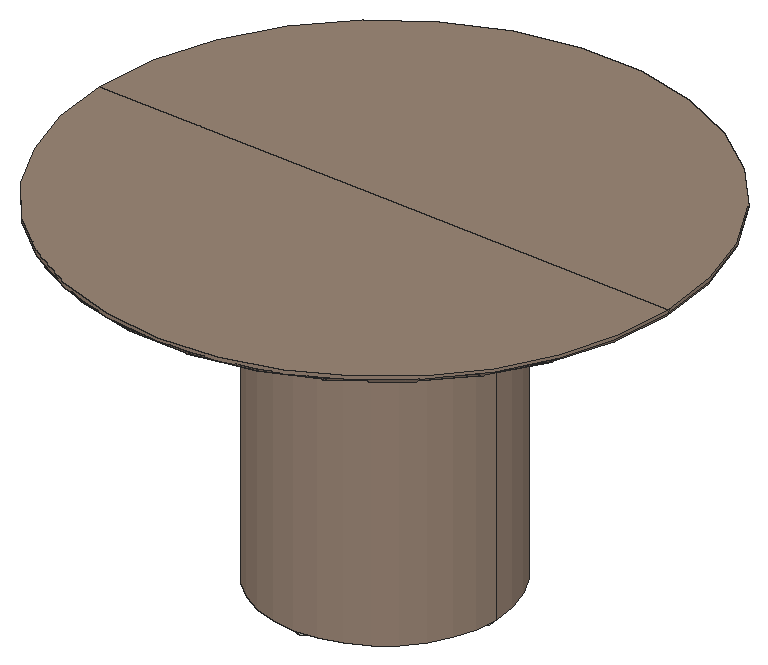
Revit family "Table-Teknion-CFRBKD_Figure_Table_Round_Drum_Base_Butter_Knife_Edge-R2023", category Furniture, Revit 2023
Family settings
  OmniClass Number = 23.40.20.00
  OmniClass Title = General Furniture and Specialties
  Work Plane-Based = No
  Enable Cutting in Views = No
  Always vertical = Yes
  Cut with Voids When Loaded = No
  Render Appearance Source = Family Geometry
  Shared = Yes
  Room Calculation Point = No
Parameters (values of type "Figure Table, Round, Drum Base, Butter Knife Edge")
  Width [instance] = 48.000"
  Warranty = "http://www.teknion.com/ca/papers/legal-canada"
  Unit Weight URL = "http://www.teknion.com/ca/tools/assets#&asset=bee6a381-b954-425e-8283-5a2de3a804f2,f828d448-4b62-4231-9e5f-9a8991c0ed77"
  URL = "www.teknion.com"
  Top Finish [instance] = Veneer -Teknion - UU - Rustic Oak - Sierra
  To render please download texture images found here [instance] = "https://assets.teknion.com/web/5e81352c1dfdb467/revit-material-swatches/"
  Sustainability Data = "https://www.teknion.com/ca/tools/assets#&topic=216f99a5-57a0-44fc-b10a-9dee9b29ae4c&asset=444deb64-fe58-4b68-981e-f75e97781df7,b4ff2d81-9f2e-437d-9659-7cffb09c31cf"
  Surface Power Access [instance] = if(Width > 75.000", "Select one option for surface power access. AB are not available for selected width.", if(Width = 48.000", "Only NN available for selected width.", "Select one option for surface power access. AF are not available for selected width."))  # "Only NN available for selected width."
  Series = "Custom Wood Boardroom & Reception Tables"  # constant formula
  Product Page URL = "https://www.teknion.com/ca/products/product-details?productLineId=f182336e-8e7a-673b-a6c8-ff00004460c4"
  Product Line = "Figure Table"  # constant formula
  Product Documentation Link = "https://d2r72yk5wmppdj.cloudfront.net/m/7b6608f508e3c5a8/Community_Table_Cut_Sheet.pdf"
  Part Number = "CFRBKD"  # constant formula
  NN - None [instance] = not((or([AB - 7" Compact Access Door], [AF - 12" Standard Access Door])))  # yes
  Model = "CFRBKD__"
  Manufacturer Phone = "416-661-3370"  # constant formula
  Manufacturer Fax = "416.661.4586"  # constant formula
  Manufacturer Contact Information = "http://www.teknion.com/ca/contactus"
  Manufacturer Address = "1150 Flint Road, Toronto, ON. M3J 2J5. Canada"  # constant formula
  Manufacturer = "Teknion"  # constant formula
  How To Use Teknion Materials User Guide [instance] = "https://assets.teknion.com/m/205dd0a49fa58060/original/How-to-add-a-Material-Library-and-Texture-Images-to-your-Revit-project.pdf"
  Glide Finish [instance] = Paint - Teknion - Foundation - Sand
  For Additional Finishes please visit [instance] = "https://assets.teknion.com/m/44a8009b046e5d47/original/Teknion_Materials_Library.zip"
  Dim 2 [instance] = if([2 - AB], 6.000", if(Width = 90.000", 15.000", if(Width = 84.000", 12.000", 9.000")))  # 9.000"
  Dim 1 [instance] = if((or(Width = 48.000", Width = 54.000")), 14.500", if((or(Width = 84.000", Width = 90.000")), 20.500", 17.500"))  # 14.500"
  Description = "Figure Table, Round, Drum Base, Butter Knife Edge"
  Default Elevation = 0.000"
  Cut-Out - AF [instance] = if([AF - 12" Standard Access Door], 5.000", 0.300")  # 0.300"
  Cut-Out - AB 2 [instance] = if([2 - AB], 4.000", 0.300")  # 0.300"
  Cut-Out - AB 1 [instance] = if([1 - AB], 4.000", 0.300")  # 0.300"
  Base Finish [instance] = Veneer -Teknion - UU - Rustic Oak - Sierra
  Available Width [instance] = "48, 54, 60, 66, 72, 78, 84 & 90 Inch"  # constant formula
  Assembly Code = "E2020200"
  Access Door Finish [instance] = Paint - Teknion - Foundation - Sand
  AF - 12" Standard Access Door [instance] = no
  AB - 7" Compact Access Door [instance] = no
  2 - AB [instance] = and((or(Width = 66.000", Width = 72.000")), [AB - 7" Compact Access Door])  # no
  1 - AB [instance] = and((or(Width = 54.000", Width = 60.000")), [AB - 7" Compact Access Door])  # no
Reference planes (in)
  plane 1 "Center Front/Back": y = 0
  plane 2: z = 0
  plane 3 "Center Left/Right": x = 0
  plane 4 "Left": x = -24
  plane 5 "Right": x = 24
  plane 6 "Back": y = 24
  plane 7 "Front": y = -24
  plane 8 "Top": z = 29
  plane 9: y = 9
  plane 10: y = -9
  plane 11: z = 27.5
  plane 12: z = 26.75197
  plane 13: y = 9.5
  plane 14: y = -9.5
  plane 15: x = 9.5
  plane 16: x = -9.5
Forms (in)
  Revolve 1, solid, material "Veneer -Teknion - UU - Rustic Oak - Sierra" <- "Top Finish"
    sketch origin (0, 0, 0) x (1, 0, 0) y (0, 0, 1)
      loop
        line (0, 29) -> (0, 27.5) -> (21.25591, 27.5) -> (23.43701, 28.29386)
        arc (23.43701, 28.29386) -> (23.62979, 28.37996) -> (23.80846, 28.49249) r 1.48819
        arc (23.80846, 28.49249) -> (23.91865, 28.59654) -> (24, 28.72441) r 0.61417
        line (24, 28.72441) -> (24, 29) -> (0, 29)
      axis (0, 29) -> (0, 27.5)
    angle from 0 to 360
  Revolve 2, solid, material "Veneer -Teknion - UU - Rustic Oak - Sierra" <- "Top Finish"
    sketch origin (0, 0, 0) x (1, 0, 0) y (0, 0, 1)
      loop
        line (0, 27.5) -> (0, 26.75197) -> (16, 26.75197) -> (16, 27.5) -> (0, 27.5)
      axis (0, 27.5) -> (0, 26.75197)
    angle from 0 to 360
  Revolve 3, solid, material "Veneer -Teknion - UU - Rustic Oak - Sierra" <- "Base Finish"
    sketch origin (0, 0, 0) x (1, 0, 0) y (0, 0, 1)
      loop
        line (9.25, 26.75197) -> (9.25, 0.5) -> (9.5, 0.5) -> (9.5, 26.75197) -> (9.25, 26.75197)
      axis (0, 26.75197) -> (0, 0.5)
    angle from 0 to 360
  Revolve 4, solid, material "Veneer -Teknion - UU - Rustic Oak - Sierra" <- "Base Finish"
    sketch origin (0, 0, 0) x (1, 0, 0) y (0, 0, 1)
      loop
        line (5.25, 0.5) -> (9.25, 0.5) -> (9.25, 1.25) -> (5.25, 1.25) -> (5.25, 0.5)
      loop
        line (5.25, 13.25) -> (9.25, 13.25) -> (9.25, 14) -> (5.25, 14) -> (5.25, 13.25)
      loop
        line (5.25, 26) -> (9.25, 26) -> (9.25, 26.75) -> (5.25, 26.75) -> (5.25, 26)
      axis (0, 26.75) -> (0, 0.5)
    angle from 0 to 360
  Sweep 5, solid, material "Paint - Teknion - Foundation - Sand" <- "Glide Finish"
    path origin (0, 0, 0) x (1, 0, 0) y (0, 0, 1)
      loop
        line (0, 0.5) -> (0, 0.25)
    profile origin (0, 0, 0.375) x (0, -1, 0) y (1, 0, 0)
      loop
        line (-8.8125, 0.18042) -> (-8.8125, -0.18042) -> (-8.5, -0.36084) -> (-8.1875, -0.18042) -> (-8.1875, 0.18042) -> (-8.5, 0.36084) -> (-8.8125, 0.18042)
      loop
        line (8.1875, 0.18042) -> (8.1875, -0.18042) -> (8.5, -0.36084) -> (8.8125, -0.18042) -> (8.8125, 0.18042) -> (8.5, 0.36084) -> (8.1875, 0.18042)
      loop
        line (0.18042, -8.1875) -> (-0.18042, -8.1875) -> (-0.36084, -8.5) -> (-0.18042, -8.8125) -> (0.18042, -8.8125) -> (0.36084, -8.5) -> (0.18042, -8.1875)
      loop
        line (0.18042, 8.8125) -> (-0.18042, 8.8125) -> (-0.36084, 8.5) -> (-0.18042, 8.1875) -> (0.18042, 8.1875) -> (0.36084, 8.5) -> (0.18042, 8.8125)
  Sweep 6, solid, material "Paint - Teknion - Foundation - Sand" <- "Glide Finish"
    path origin (0, 0, 0) x (1, 0, 0) y (0, 0, 1)
      loop
        line (0, 0.25) -> (0, 0)
    profile origin (0, 0, 0.125) x (0, -1, 0) y (1, 0, 0)
      loop
        circle (0, -8.5) r 0.5
      loop
        circle (0, 8.5) r 0.5
      loop
        circle (-8.5, 0) r 0.5
      loop
        circle (8.5, 0) r 0.5
  Sweep 7, void
    path origin (0, 0, 0) x (1, 0, 0) y (0, 0, 1)
      loop
        line (0, 32.19606) -> (0, 32.49606)
    profile origin (0, 0, 32.34606) x (-1, 0, 0) y (0, -1, 0)
      loop
        line (-5.91732, 11.29921) -> (-5.91732, 6.70079)
        arc (-5.91732, 6.70079) -> (-5.80201, 6.4224) -> (-5.52362, 6.30709) r 0.3937
        line (-5.52362, 6.30709) -> (5.52362, 6.30709)
        arc (5.52362, 6.30709) -> (5.80201, 6.4224) -> (5.91732, 6.70079) r 0.3937
        line (5.91732, 6.70079) -> (5.91732, 11.29921)
        arc (5.91732, 11.29921) -> (5.80201, 11.5776) -> (5.52362, 11.69291) r 0.3937
        line (5.52362, 11.69291) -> (-5.52362, 11.69291)
        arc (-5.52362, 11.69291) -> (-5.80201, 11.5776) -> (-5.91732, 11.29921) r 0.3937
      loop
        line (-5.91732, -6.70079) -> (-5.91732, -11.29921)
        arc (-5.91732, -11.29921) -> (-5.80201, -11.5776) -> (-5.52362, -11.69291) r 0.3937
        line (-5.52362, -11.69291) -> (5.52362, -11.69291)
        arc (5.52362, -11.69291) -> (5.80201, -11.5776) -> (5.91732, -11.29921) r 0.3937
        line (5.91732, -11.29921) -> (5.91732, -6.70079)
        arc (5.91732, -6.70079) -> (5.80201, -6.4224) -> (5.52362, -6.30709) r 0.3937
        line (5.52362, -6.30709) -> (-5.52362, -6.30709)
        arc (-5.52362, -6.30709) -> (-5.80201, -6.4224) -> (-5.91732, -6.70079) r 0.3937
  Sweep 8, void
    path origin (0, 0, 0) x (1, 0, 0) y (0, 0, 1)
      loop
        line (0, 22.79606) -> (0, 22.49606)
    profile origin (0, 0, 22.64606) x (0, -1, 0) y (1, 0, 0)
      loop
        line (5.25, 8) -> (5.25, -8)
        arc (5.25, -8) -> (5.39645, -8.35355) -> (5.75, -8.5) r 0.5
        line (5.75, -8.5) -> (12.25, -8.5)
        arc (12.25, -8.5) -> (12.60355, -8.35355) -> (12.75, -8) r 0.5
        line (12.75, -8) -> (12.75, 8)
        arc (12.75, 8) -> (12.60355, 8.35355) -> (12.25, 8.5) r 0.5
        line (12.25, 8.5) -> (5.75, 8.5)
        arc (5.75, 8.5) -> (5.39645, 8.35355) -> (5.25, 8) r 0.5
      loop
        line (-5.25, -8) -> (-5.25, 8)
        arc (-5.25, 8) -> (-5.39645, 8.35355) -> (-5.75, 8.5) r 0.5
        line (-5.75, 8.5) -> (-12.25, 8.5)
        arc (-12.25, 8.5) -> (-12.60355, 8.35355) -> (-12.75, 8) r 0.5
        line (-12.75, 8) -> (-12.75, -8)
        arc (-12.75, -8) -> (-12.60355, -8.35355) -> (-12.25, -8.5) r 0.5
        line (-12.25, -8.5) -> (-5.75, -8.5)
        arc (-5.75, -8.5) -> (-5.39645, -8.35355) -> (-5.25, -8) r 0.5
  Sweep 9, void
    path origin (0, 0, 0) x (1, 0, 0) y (0, 0, 1)
      loop
        line (0, 31.2) -> (0, 31.5)
    profile origin (0, 0, 31.35) x (-1, 0, 0) y (0, -1, 0)
      loop
        line (3.00394, 2.69291) -> (-3.00394, 2.69291)
        arc (-3.00394, 2.69291) -> (-3.28233, 2.5776) -> (-3.39764, 2.29921) r 0.3937
        line (-3.39764, 2.29921) -> (-3.39764, -2.29921)
        arc (-3.39764, -2.29921) -> (-3.28233, -2.5776) -> (-3.00394, -2.69291) r 0.3937
        line (-3.00394, -2.69291) -> (3.00394, -2.69291)
        arc (3.00394, -2.69291) -> (3.28233, -2.5776) -> (3.39764, -2.29921) r 0.3937
        line (3.39764, -2.29921) -> (3.39764, 2.29921)
        arc (3.39764, 2.29921) -> (3.28233, 2.5776) -> (3.00394, 2.69291) r 0.3937
  Sweep 10, void
    path origin (0, 0, 0) x (1, 0, 0) y (0, 0, 1)
      loop
        line (0, 23.8) -> (0, 23.5)
    profile origin (0, 0, 23.65) x (0, -1, 0) y (1, 0, 0)
      loop
        arc (-3.25, 6) -> (-3.60355, 5.85355) -> (-3.75, 5.5) r 0.5
        line (-3.75, 5.5) -> (-3.75, -5.5)
        arc (-3.75, -5.5) -> (-3.60355, -5.85355) -> (-3.25, -6) r 0.5
        line (-3.25, -6) -> (3.25, -6)
        arc (3.25, -6) -> (3.60355, -5.85355) -> (3.75, -5.5) r 0.5
        line (3.75, -5.5) -> (3.75, 5.5)
        arc (3.75, 5.5) -> (3.60355, 5.85355) -> (3.25, 6) r 0.5
        line (3.25, 6) -> (-3.25, 6)
  Sweep 11, void
    path origin (0, 0, 0) x (1, 0, 0) y (0, 0, 1)
      loop
        line (0, 31.5) -> (0, 31.2)
    profile origin (0, 0, 31.35) x (0, -1, 0) y (1, 0, 0)
      loop
        line (6.30709, 3.00394) -> (6.30709, -3.00394)
        arc (6.30709, -3.00394) -> (6.4224, -3.28233) -> (6.70079, -3.39764) r 0.3937
        line (6.70079, -3.39764) -> (11.29921, -3.39764)
        arc (11.29921, -3.39764) -> (11.5776, -3.28233) -> (11.69291, -3.00394) r 0.3937
        line (11.69291, -3.00394) -> (11.69291, 3.00394)
        arc (11.69291, 3.00394) -> (11.5776, 3.28233) -> (11.29921, 3.39764) r 0.3937
        line (11.29921, 3.39764) -> (6.70079, 3.39764)
        arc (6.70079, 3.39764) -> (6.4224, 3.28233) -> (6.30709, 3.00394) r 0.3937
      loop
        arc (-6.30709, 3.00394) -> (-6.4224, 3.28233) -> (-6.70079, 3.39764) r 0.3937
        line (-6.70079, 3.39764) -> (-11.29921, 3.39764)
        arc (-11.29921, 3.39764) -> (-11.5776, 3.28233) -> (-11.69291, 3.00394) r 0.3937
        line (-11.69291, 3.00394) -> (-11.69291, -3.00394)
        arc (-11.69291, -3.00394) -> (-11.5776, -3.28233) -> (-11.29921, -3.39764) r 0.3937
        line (-11.29921, -3.39764) -> (-6.70079, -3.39764)
        arc (-6.70079, -3.39764) -> (-6.4224, -3.28233) -> (-6.30709, -3.00394) r 0.3937
        line (-6.30709, -3.00394) -> (-6.30709, 3.00394)
  Sweep 12, void
    path origin (0, 0, 0) x (1, 0, 0) y (0, 0, 1)
      loop
        line (0, 23.5) -> (0, 23.8)
    profile origin (0, 0, 23.65) x (-1, 0, 0) y (0, -1, 0)
      loop
        line (-6, 12.25) -> (-6, 5.75)
        arc (-6, 5.75) -> (-5.85355, 5.39645) -> (-5.5, 5.25) r 0.5
        line (-5.5, 5.25) -> (5.5, 5.25)
        arc (5.5, 5.25) -> (5.85355, 5.39645) -> (6, 5.75) r 0.5
        line (6, 5.75) -> (6, 12.25)
        arc (6, 12.25) -> (5.85355, 12.60355) -> (5.5, 12.75) r 0.5
        line (5.5, 12.75) -> (-5.5, 12.75)
        arc (-5.5, 12.75) -> (-5.85355, 12.60355) -> (-6, 12.25) r 0.5
      loop
        arc (-6, -12.25) -> (-5.85355, -12.60355) -> (-5.5, -12.75) r 0.5
        line (-5.5, -12.75) -> (5.5, -12.75)
        arc (5.5, -12.75) -> (5.85355, -12.60355) -> (6, -12.25) r 0.5
        line (6, -12.25) -> (6, -5.75)
        arc (6, -5.75) -> (5.85355, -5.39645) -> (5.5, -5.25) r 0.5
        line (5.5, -5.25) -> (-5.5, -5.25)
        arc (-5.5, -5.25) -> (-5.85355, -5.39645) -> (-6, -5.75) r 0.5
        line (-6, -5.75) -> (-6, -12.25)
Cuts and joins
  joined: Sweep 5, Sweep 6
  Sweep 7, Sweep 9, Sweep 11 cuts Revolve 1
  Sweep 8, Sweep 10, Sweep 12 cuts Revolve 2
  joined: Revolve 1, Revolve 2
Lines and regions (in)
  Masking region 1, visible <- "NN - None"
    outline origin (0, 0, 0) x (1, 0, 0) y (0, 1, 0)
      loop
        circle (0, 0) r 24
  Masking region 2, visible <- "1 - AB"
    outline origin (0, 0, 0) x (1, 0, 0) y (0, 1, 0)
      loop
        circle (0, 0) r 24
      loop
        arc (3.0315, 1.96727) -> (3.11414, 1.93304) -> (3.14837, 1.85039) r 0.11687
        line (3.14837, 1.85039) -> (3.14837, 1.55173) -> (3.22045, 1.55173) -> (3.22045, 2.28346)
        arc (3.22045, 2.28346) -> (3.15242, 2.4477) -> (2.98819, 2.51573) r 0.23226
        line (2.98819, 2.51573) -> (-2.98819, 2.51573)
        arc (-2.98819, 2.51573) -> (-3.15242, 2.4477) -> (-3.22045, 2.28346) r 0.23226
        line (-3.22045, 2.28346) -> (-3.22045, 1.55173) -> (-3.14837, 1.55173) -> (-3.14837, 1.85039)
        arc (-3.14837, 1.85039) -> (-3.11414, 1.93304) -> (-3.0315, 1.96727) r 0.11687
        line (-3.0315, 1.96727) -> (3.0315, 1.96727)
      loop
        arc (-3.0315, -1.96727) -> (-3.11414, -1.93304) -> (-3.14837, -1.85039) r 0.11687
        line (-3.14837, -1.85039) -> (-3.14837, -1.55173) -> (-3.22045, -1.55173) -> (-3.22045, -2.28346)
        arc (-3.22045, -2.28346) -> (-3.15242, -2.4477) -> (-2.98819, -2.51573) r 0.23226
        line (-2.98819, -2.51573) -> (2.98819, -2.51573)
        arc (2.98819, -2.51573) -> (3.15242, -2.4477) -> (3.22045, -2.28346) r 0.23226
        line (3.22045, -2.28346) -> (3.22045, -1.55173) -> (3.14837, -1.55173) -> (3.14837, -1.85039)
        arc (3.14837, -1.85039) -> (3.11414, -1.93304) -> (3.0315, -1.96727) r 0.11687
        line (3.0315, -1.96727) -> (-3.0315, -1.96727)
  Masking region 3, visible <- "AF - 12" Standard Access Door"
    outline origin (0, 0, 0) x (1, 0, 0) y (0, 1, 0)
      loop
        circle (0, 0) r 24
      loop
        arc (-5.55118, -10.96727) -> (-5.63382, -10.93304) -> (-5.66805, -10.85039) r 0.11687
        line (-5.66805, -10.85039) -> (-5.66805, -10.55173) -> (-5.74014, -10.55173) -> (-5.74014, -11.28346)
        arc (-5.74014, -11.28346) -> (-5.67211, -11.4477) -> (-5.50787, -11.51573) r 0.23226
        line (-5.50787, -11.51573) -> (5.50787, -11.51573)
        arc (5.50787, -11.51573) -> (5.67211, -11.4477) -> (5.74014, -11.28346) r 0.23226
        line (5.74014, -11.28346) -> (5.74014, -10.55173) -> (5.66805, -10.55173) -> (5.66805, -10.85039)
        arc (5.66805, -10.85039) -> (5.63382, -10.93304) -> (5.55118, -10.96727) r 0.11687
        line (5.55118, -10.96727) -> (-5.55118, -10.96727)
      loop
        arc (-5.50787, -6.48427) -> (-5.67211, -6.5523) -> (-5.74014, -6.71654) r 0.23226
        line (-5.74014, -6.71654) -> (-5.74014, -7.44827) -> (-5.66805, -7.44827) -> (-5.66805, -7.14961)
        arc (-5.66805, -7.14961) -> (-5.63382, -7.06696) -> (-5.55118, -7.03273) r 0.11687
        line (-5.55118, -7.03273) -> (5.55118, -7.03273)
        arc (5.55118, -7.03273) -> (5.63382, -7.06696) -> (5.66805, -7.14961) r 0.11687
        line (5.66805, -7.14961) -> (5.66805, -7.44827) -> (5.74014, -7.44827) -> (5.74014, -6.71654)
        arc (5.74014, -6.71654) -> (5.67211, -6.5523) -> (5.50787, -6.48427) r 0.23226
        line (5.50787, -6.48427) -> (-5.50787, -6.48427)
      loop
        arc (5.55118, 10.96727) -> (5.63382, 10.93304) -> (5.66805, 10.85039) r 0.11687
        line (5.66805, 10.85039) -> (5.66805, 10.55173) -> (5.74014, 10.55173) -> (5.74014, 11.28346)
        arc (5.74014, 11.28346) -> (5.67211, 11.4477) -> (5.50787, 11.51573) r 0.23226
        line (5.50787, 11.51573) -> (-5.50787, 11.51573)
        arc (-5.50787, 11.51573) -> (-5.67211, 11.4477) -> (-5.74014, 11.28346) r 0.23226
        line (-5.74014, 11.28346) -> (-5.74014, 10.55173) -> (-5.66805, 10.55173) -> (-5.66805, 10.85039)
        arc (-5.66805, 10.85039) -> (-5.63382, 10.93304) -> (-5.55118, 10.96727) r 0.11687
        line (-5.55118, 10.96727) -> (5.55118, 10.96727)
      loop
        arc (-5.55118, 7.03273) -> (-5.63382, 7.06696) -> (-5.66805, 7.14961) r 0.11687
        line (-5.66805, 7.14961) -> (-5.66805, 7.44827) -> (-5.74014, 7.44827) -> (-5.74014, 6.71654)
        arc (-5.74014, 6.71654) -> (-5.67211, 6.5523) -> (-5.50787, 6.48427) r 0.23226
        line (-5.50787, 6.48427) -> (5.50787, 6.48427)
        arc (5.50787, 6.48427) -> (5.67211, 6.5523) -> (5.74014, 6.71654) r 0.23226
        line (5.74014, 6.71654) -> (5.74014, 7.44827) -> (5.66805, 7.44827) -> (5.66805, 7.14961)
        arc (5.66805, 7.14961) -> (5.63382, 7.06696) -> (5.55118, 7.03273) r 0.11687
        line (5.55118, 7.03273) -> (-5.55118, 7.03273)
  Masking region 4, visible <- "2 - AB"
    outline origin (0, 0, 0) x (1, 0, 0) y (0, 1, 0)
      loop
        circle (0, 0) r 24
      loop
        arc (3.0315, 10.96727) -> (3.11414, 10.93304) -> (3.14837, 10.85039) r 0.11687
        line (3.14837, 10.85039) -> (3.14837, 10.55173) -> (3.22045, 10.55173) -> (3.22045, 11.28346)
        arc (3.22045, 11.28346) -> (3.15242, 11.4477) -> (2.98819, 11.51573) r 0.23226
        line (2.98819, 11.51573) -> (-2.98819, 11.51573)
        arc (-2.98819, 11.51573) -> (-3.15242, 11.4477) -> (-3.22045, 11.28346) r 0.23226
        line (-3.22045, 11.28346) -> (-3.22045, 10.55173) -> (-3.14837, 10.55173) -> (-3.14837, 10.85039)
        arc (-3.14837, 10.85039) -> (-3.11414, 10.93304) -> (-3.0315, 10.96727) r 0.11687
        line (-3.0315, 10.96727) -> (3.0315, 10.96727)
      loop
        arc (-3.0315, 7.03273) -> (-3.11414, 7.06696) -> (-3.14837, 7.14961) r 0.11687
        line (-3.14837, 7.14961) -> (-3.14837, 7.44827) -> (-3.22045, 7.44827) -> (-3.22045, 6.71654)
        arc (-3.22045, 6.71654) -> (-3.15242, 6.5523) -> (-2.98819, 6.48427) r 0.23226
        line (-2.98819, 6.48427) -> (2.98819, 6.48427)
        arc (2.98819, 6.48427) -> (3.15242, 6.5523) -> (3.22045, 6.71654) r 0.23226
        line (3.22045, 6.71654) -> (3.22045, 7.44827) -> (3.14837, 7.44827) -> (3.14837, 7.14961)
        arc (3.14837, 7.14961) -> (3.11414, 7.06696) -> (3.0315, 7.03273) r 0.11687
        line (3.0315, 7.03273) -> (-3.0315, 7.03273)
      loop
        arc (3.0315, -7.03273) -> (3.11414, -7.06696) -> (3.14837, -7.14961) r 0.11687
        line (3.14837, -7.14961) -> (3.14837, -7.44827) -> (3.22045, -7.44827) -> (3.22045, -6.71654)
        arc (3.22045, -6.71654) -> (3.15242, -6.5523) -> (2.98819, -6.48427) r 0.23226
        line (2.98819, -6.48427) -> (-2.98819, -6.48427)
        arc (-2.98819, -6.48427) -> (-3.15242, -6.5523) -> (-3.22045, -6.71654) r 0.23226
        line (-3.22045, -6.71654) -> (-3.22045, -7.44827) -> (-3.14837, -7.44827) -> (-3.14837, -7.14961)
        arc (-3.14837, -7.14961) -> (-3.11414, -7.06696) -> (-3.0315, -7.03273) r 0.11687
        line (-3.0315, -7.03273) -> (3.0315, -7.03273)
      loop
        arc (-3.0315, -10.96727) -> (-3.11414, -10.93304) -> (-3.14837, -10.85039) r 0.11687
        line (-3.14837, -10.85039) -> (-3.14837, -10.55173) -> (-3.22045, -10.55173) -> (-3.22045, -11.28346)
        arc (-3.22045, -11.28346) -> (-3.15242, -11.4477) -> (-2.98819, -11.51573) r 0.23226
        line (-2.98819, -11.51573) -> (2.98819, -11.51573)
        arc (2.98819, -11.51573) -> (3.15242, -11.4477) -> (3.22045, -11.28346) r 0.23226
        line (3.22045, -11.28346) -> (3.22045, -10.55173) -> (3.14837, -10.55173) -> (3.14837, -10.85039)
        arc (3.14837, -10.85039) -> (3.11414, -10.93304) -> (3.0315, -10.96727) r 0.11687
        line (3.0315, -10.96727) -> (-3.0315, -10.96727)
  symbolic lines
    curve 1: line (0, -109.46563, 26.75197) -> (0, -109.46563, 30.75197)
    curve 2: line (0, -117.46563, 29) -> (0, -117.46563, 31.25)
  symbolic lines, style "FurnitureHiddenLines", visible <- "1 - AB", detail levels fine
    curve 3: line (5.5, 3.75, 0) -> (-5.5, 3.75, 0)
    curve 4: arc (-5.5, 3.75, 0) -> (-5.85355, 3.60355, 0) -> (-6, 3.25, 0) r 0.5
    curve 5: line (-6, 3.25, 0) -> (-6, -3.25, 0)
    curve 6: arc (-6, -3.25, 0) -> (-5.85355, -3.60355, 0) -> (-5.5, -3.75, 0) r 0.5
    curve 7: line (-5.5, -3.75, 0) -> (5.5, -3.75, 0)
    curve 8: arc (5.5, -3.75, 0) -> (5.85355, -3.60355, 0) -> (6, -3.25, 0) r 0.5
    curve 9: line (6, -3.25, 0) -> (6, 3.25, 0)
    curve 10: arc (6, 3.25, 0) -> (5.85355, 3.60355, 0) -> (5.5, 3.75, 0) r 0.5
    curve 11: line (3.00394, 2.69291, 0) -> (-3.00394, 2.69291, 0)
    curve 12: arc (-3.00394, 2.69291, 0) -> (-3.28233, 2.5776, 0) -> (-3.39764, 2.29921, 0) r 0.3937
    curve 13: line (-3.39764, 2.29921, 0) -> (-3.39764, -2.29921, 0)
    curve 14: arc (-3.39764, -2.29921, 0) -> (-3.28233, -2.5776, 0) -> (-3.00394, -2.69291, 0) r 0.3937
    curve 15: line (-3.00394, -2.69291, 0) -> (3.00394, -2.69291, 0)
    curve 16: arc (3.00394, -2.69291, 0) -> (3.28233, -2.5776, 0) -> (3.39764, -2.29921, 0) r 0.3937
    curve 17: line (3.39764, -2.29921, 0) -> (3.39764, 2.29921, 0)
    curve 18: arc (3.39764, 2.29921, 0) -> (3.28233, 2.5776, 0) -> (3.00394, 2.69291, 0) r 0.3937
  symbolic lines, style "FurnitureHiddenLines", visible <- "AF - 12" Standard Access Door", detail levels fine
    curve 19: line (-8, -12.75, 0) -> (8, -12.75, 0)
    curve 20: arc (8, -12.75, 0) -> (8.35355, -12.60355, 0) -> (8.5, -12.25, 0) r 0.5
    curve 21: line (8.5, -12.25, 0) -> (8.5, -5.75, 0)
    curve 22: arc (8.5, -5.75, 0) -> (8.35355, -5.39645, 0) -> (8, -5.25, 0) r 0.5
    curve 23: line (8, -5.25, 0) -> (-8, -5.25, 0)
    curve 24: arc (-8, -5.25, 0) -> (-8.35355, -5.39645, 0) -> (-8.5, -5.75, 0) r 0.5
    curve 25: line (-8.5, -5.75, 0) -> (-8.5, -12.25, 0)
    curve 26: arc (-8.5, -12.25, 0) -> (-8.35355, -12.60355, 0) -> (-8, -12.75, 0) r 0.5
    curve 27: line (5.52362, -6.30709, 0) -> (-5.52362, -6.30709, 0)
    curve 28: arc (-5.52362, -6.30709, 0) -> (-5.80201, -6.4224, 0) -> (-5.91732, -6.70079, 0) r 0.3937
    curve 29: line (-5.91732, -6.70079, 0) -> (-5.91732, -11.29921, 0)
    curve 30: arc (-5.91732, -11.29921, 0) -> (-5.80201, -11.5776, 0) -> (-5.52362, -11.69291, 0) r 0.3937
    curve 31: line (-5.52362, -11.69291, 0) -> (5.52362, -11.69291, 0)
    curve 32: arc (5.52362, -11.69291, 0) -> (5.80201, -11.5776, 0) -> (5.91732, -11.29921, 0) r 0.3937
    curve 33: line (5.91732, -11.29921, 0) -> (5.91732, -6.70079, 0)
    curve 34: arc (5.91732, -6.70079, 0) -> (5.80201, -6.4224, 0) -> (5.52362, -6.30709, 0) r 0.3937
    curve 35: line (-8, 5.25, 0) -> (8, 5.25, 0)
    curve 36: arc (8, 5.25, 0) -> (8.35355, 5.39645, 0) -> (8.5, 5.75, 0) r 0.5
    curve 37: line (8.5, 5.75, 0) -> (8.5, 12.25, 0)
    curve 38: arc (8.5, 12.25, 0) -> (8.35355, 12.60355, 0) -> (8, 12.75, 0) r 0.5
    curve 39: line (8, 12.75, 0) -> (-8, 12.75, 0)
    curve 40: arc (-8, 12.75, 0) -> (-8.35355, 12.60355, 0) -> (-8.5, 12.25, 0) r 0.5
    curve 41: line (-8.5, 12.25, 0) -> (-8.5, 5.75, 0)
    curve 42: arc (-8.5, 5.75, 0) -> (-8.35355, 5.39645, 0) -> (-8, 5.25, 0) r 0.5
    curve 43: line (-5.52362, 6.30709, 0) -> (5.52362, 6.30709, 0)
    curve 44: arc (5.52362, 6.30709, 0) -> (5.80201, 6.4224, 0) -> (5.91732, 6.70079, 0) r 0.3937
    curve 45: line (5.91732, 6.70079, 0) -> (5.91732, 11.29921, 0)
    curve 46: arc (5.91732, 11.29921, 0) -> (5.80201, 11.5776, 0) -> (5.52362, 11.69291, 0) r 0.3937
    curve 47: line (5.52362, 11.69291, 0) -> (-5.52362, 11.69291, 0)
    curve 48: arc (-5.52362, 11.69291, 0) -> (-5.80201, 11.5776, 0) -> (-5.91732, 11.29921, 0) r 0.3937
    curve 49: line (-5.91732, 11.29921, 0) -> (-5.91732, 6.70079, 0)
    curve 50: arc (-5.91732, 6.70079, 0) -> (-5.80201, 6.4224, 0) -> (-5.52362, 6.30709, 0) r 0.3937
  symbolic lines, style "FurnitureHiddenLines", detail levels medium+fine
    curve 51: arc (16, 0, 0) -> (0, 16, 0) -> (-16, 0, 0) r 16
    curve 52: arc (-16, 0, 0) -> (0, -16, 0) -> (16, 0, 0) r 16
    curve 53: arc (9.5, 0, 0) -> (0, 9.5, 0) -> (-9.5, 0, 0) r 9.5
    curve 54: arc (9.25, 0, 0) -> (0, 9.25, 0) -> (-9.25, 0, 0) r 9.25
    curve 55: arc (-9.25, 0, 0) -> (0, -9.25, 0) -> (9.25, 0, 0) r 9.25
    curve 56: arc (-9.5, 0, 0) -> (0, -9.5, 0) -> (9.5, 0, 0) r 9.5
    curve 57: arc (5.25, 0, 0) -> (0, 5.25, 0) -> (-5.25, 0, 0) r 5.25
    curve 58: arc (-5.25, 0, 0) -> (0, -5.25, 0) -> (5.25, 0, 0) r 5.25
  symbolic lines, style "FurnitureHiddenLines", detail levels fine
    curve 59: arc (-8, 0, 0) -> (-8.5, 0.5, 0) -> (-9, 0, 0) r 0.5
    curve 60: arc (-9, 0, 0) -> (-8.5, -0.5, 0) -> (-8, 0, 0) r 0.5
    curve 61: arc (9, 0, 0) -> (8.5, 0.5, 0) -> (8, 0, 0) r 0.5
    curve 62: arc (8, 0, 0) -> (8.5, -0.5, 0) -> (9, 0, 0) r 0.5
    curve 63: arc (0, -9, 0) -> (0.5, -8.5, 0) -> (0, -8, 0) r 0.5
    curve 64: arc (0, -8, 0) -> (-0.5, -8.5, 0) -> (0, -9, 0) r 0.5
    curve 65: arc (0, 8, 0) -> (0.5, 8.5, 0) -> (0, 9, 0) r 0.5
    curve 66: arc (0, 9, 0) -> (-0.5, 8.5, 0) -> (0, 8, 0) r 0.5
  reference lines
    curve 67: line (-24, 24, 0) -> (24, 24, 0)
    curve 68: line (24, 24, 0) -> (24, -24, 0)
    curve 69: line (-24, -24, 0) -> (24, -24, 0)
    curve 70: line (-24, 24, 0) -> (-24, -24, 0)
  symbolic lines, style "FurnitureHiddenLines", visible <- "2 - AB", detail levels fine
    curve 71: line (-6, 12.25, 0) -> (-6, 5.75, 0)
    curve 72: arc (-6, 5.75, 0) -> (-5.85355, 5.39645, 0) -> (-5.5, 5.25, 0) r 0.5
    curve 73: line (-5.5, 5.25, 0) -> (5.5, 5.25, 0)
    curve 74: arc (5.5, 5.25, 0) -> (5.85355, 5.39645, 0) -> (6, 5.75, 0) r 0.5
    curve 75: line (6, 5.75, 0) -> (6, 12.25, 0)
    curve 76: arc (6, 12.25, 0) -> (5.85355, 12.60355, 0) -> (5.5, 12.75, 0) r 0.5
    curve 77: line (5.5, 12.75, 0) -> (-5.5, 12.75, 0)
    curve 78: arc (-5.5, 12.75, 0) -> (-5.85355, 12.60355, 0) -> (-6, 12.25, 0) r 0.5
    curve 79: line (-3.39764, 11.29921, 0) -> (-3.39764, 6.70079, 0)
    curve 80: arc (-3.39764, 6.70079, 0) -> (-3.28233, 6.4224, 0) -> (-3.00394, 6.30709, 0) r 0.3937
    curve 81: line (-3.00394, 6.30709, 0) -> (3.00394, 6.30709, 0)
    curve 82: arc (3.00394, 6.30709, 0) -> (3.28233, 6.4224, 0) -> (3.39764, 6.70079, 0) r 0.3937
    curve 83: line (3.39764, 6.70079, 0) -> (3.39764, 11.29921, 0)
    curve 84: arc (3.39764, 11.29921, 0) -> (3.28233, 11.5776, 0) -> (3.00394, 11.69291, 0) r 0.3937
    curve 85: line (3.00394, 11.69291, 0) -> (-3.00394, 11.69291, 0)
    curve 86: arc (-3.00394, 11.69291, 0) -> (-3.28233, 11.5776, 0) -> (-3.39764, 11.29921, 0) r 0.3937
    curve 87: line (-3.39764, -6.70079, 0) -> (-3.39764, -11.29921, 0)
    curve 88: arc (-3.39764, -11.29921, 0) -> (-3.28233, -11.5776, 0) -> (-3.00394, -11.69291, 0) r 0.3937
    curve 89: line (-3.00394, -11.69291, 0) -> (3.00394, -11.69291, 0)
    curve 90: arc (3.00394, -11.69291, 0) -> (3.28233, -11.5776, 0) -> (3.39764, -11.29921, 0) r 0.3937
    curve 91: line (3.39764, -11.29921, 0) -> (3.39764, -6.70079, 0)
    curve 92: arc (3.39764, -6.70079, 0) -> (3.28233, -6.4224, 0) -> (3.00394, -6.30709, 0) r 0.3937
    curve 93: line (3.00394, -6.30709, 0) -> (-3.00394, -6.30709, 0)
    curve 94: arc (-3.00394, -6.30709, 0) -> (-3.28233, -6.4224, 0) -> (-3.39764, -6.70079, 0) r 0.3937
    curve 95: line (6, -12.25, 0) -> (6, -5.75, 0)
    curve 96: arc (6, -5.75, 0) -> (5.85355, -5.39645, 0) -> (5.5, -5.25, 0) r 0.5
    curve 97: line (5.5, -5.25, 0) -> (-5.5, -5.25, 0)
    curve 98: arc (-5.5, -5.25, 0) -> (-5.85355, -5.39645, 0) -> (-6, -5.75, 0) r 0.5
    curve 99: line (-6, -5.75, 0) -> (-6, -12.25, 0)
    curve 100: arc (-6, -12.25, 0) -> (-5.85355, -12.60355, 0) -> (-5.5, -12.75, 0) r 0.5
    curve 101: line (-5.5, -12.75, 0) -> (5.5, -12.75, 0)
    curve 102: arc (5.5, -12.75, 0) -> (5.85355, -12.60355, 0) -> (6, -12.25, 0) r 0.5
Dimensions and locks (in)
  "Width": plane 4 "Left" to plane 5 "Right"
  "Width": plane 6 "Back" to plane 7 "Front"
  locked: plane 8 "Top" to level at 29
  equal spacing: plane 6 "Back", plane 1 "Center Front/Back", plane 7 "Front"
  equal spacing: plane 4 "Left", plane 3 "Center Left/Right", plane 5 "Right"
  "Dim 2": plane 9 to plane 1 "Center Front/Back"
  "Dim 2": plane 10 to plane 1 "Center Front/Back"
  plane 8 "Top" to plane 11 to plane 12 = 1.500" locked, 0.74803" locked
  curve 2 to curve 1 = 8.000"
  locked: Revolve 2 sketch curve to plane 5 "Right" at 8
  "Dim 1": plane 6 "Back" to plane 13
  "Dim 1": plane 7 "Front" to plane 14
  "Dim 1": plane 4 "Left" to plane 16
  "Dim 1": plane 15 to plane 5 "Right"
  locked: plane 15 to Revolve 3 sketch curve at 0.25
  locked: Revolve 3 sketch curve to plane 2 at 0.5
  locked: plane 15 to Revolve 4 sketch curve at 0.25
  locked: plane 15 to Revolve 4 sketch curve at 4.25
  Revolve 4 sketch curve to Revolve 4 sketch curve to plane 2 = 0.750" locked, 0.500" locked
  Revolve 4 sketch curve to Revolve 4 sketch curve to plane 2 = 0.750" locked, 13.250" locked
  Revolve 4 sketch curve to Revolve 4 sketch curve to plane 2 = 0.750" locked, 26.000" locked
  Sweep 5 sketch curve to Sweep 5 sketch curve to plane 2 = 0.250" locked, 0.250" locked
  plane 13 to Sweep 5 sketch curve to Sweep 5 sketch curve to Sweep 5 sketch curve to Sweep 5 sketch curve = 0.6875" locked, 0.3125" locked, 0.000" locked, 0.3125" locked
  Sweep 5 sketch curve to Sweep 5 sketch curve to Sweep 5 sketch curve to plane 3 "Center Left/Right" to Sweep 5 sketch curve to Sweep 5 sketch curve to Sweep 5 sketch curve = 0.18042" locked, 0.000" locked, 0.18042" locked, 0.18042" locked, 0.000" locked, 0.18042" locked  (x2)
  plane 14 to Sweep 5 sketch curve to Sweep 5 sketch curve to Sweep 5 sketch curve to Sweep 5 sketch curve = 0.6875" locked, 0.3125" locked, 0.000" locked, 0.3125" locked
  plane 16 to Sweep 5 sketch curve to Sweep 5 sketch curve to Sweep 5 sketch curve to Sweep 5 sketch curve = 0.6875" locked, 0.3125" locked, 0.000" locked, 0.3125" locked
  Sweep 5 sketch curve to Sweep 5 sketch curve to Sweep 5 sketch curve to Sweep 5 sketch curve to plane 15 = 0.3125" locked, 0.000" locked, 0.3125" locked, 0.6875" locked
  Sweep 5 sketch curve to Sweep 5 sketch curve to Sweep 5 sketch curve to plane 1 "Center Front/Back" to Sweep 5 sketch curve to Sweep 5 sketch curve to Sweep 5 sketch curve = 0.18042" locked, 0.000" locked, 0.18042" locked, 0.18042" locked, 0.000" locked, 0.18042" locked  (x2)
  locked: Sweep 6 sketch curve to plane 2 at 0.25
  locked: plane 13 to Sweep 6 sketch curve at 1
  locked: Sweep 6 sketch curve to plane 15 at 1
  locked: plane 14 to Sweep 6 sketch curve at 1
  locked: plane 16 to Sweep 6 sketch curve at 1
  locked: Sweep 7 sketch curve to plane 8 "Top" at 3.49606
  "Cut-Out - AF": Sweep 7 sketch curve to Sweep 7 sketch curve
  Sweep 7 sketch curve to Sweep 7 sketch curve to nested 2 to Sweep 7 sketch curve to Sweep 7 sketch curve = 0.3937" locked, 5.52362" locked, 5.52362" locked, 0.3937" locked
  Sweep 7 sketch curve to Sweep 7 sketch curve to nested 2 to Sweep 7 sketch curve to Sweep 7 sketch curve = 0.3937" locked, 2.29921" locked, 2.29921" locked, 0.3937" locked
  Sweep 7 sketch curve to Sweep 7 sketch curve to plane 10 to Sweep 7 sketch curve to Sweep 7 sketch curve = 0.3937" locked, 2.29921" locked, 2.29921" locked, 0.3937" locked
  Sweep 7 sketch curve to Sweep 7 sketch curve to plane 3 "Center Left/Right" to Sweep 7 sketch curve to Sweep 7 sketch curve = 0.3937" locked, 5.52362" locked, 5.52362" locked, 0.3937" locked
  "Cut-Out - AF": Sweep 8 sketch curve to Sweep 8 sketch curve
  locked: plane 12 to Sweep 8 sketch curve at 4.25591
  Sweep 8 sketch curve to Sweep 8 sketch curve to plane 10 to Sweep 8 sketch curve to Sweep 8 sketch curve = 0.500" locked, 3.250" locked, 3.250" locked, 0.500" locked
  Sweep 8 sketch curve to Sweep 8 sketch curve to plane 3 "Center Left/Right" to Sweep 8 sketch curve to Sweep 8 sketch curve = 0.500" locked, 8.000" locked, 8.000" locked, 0.500" locked  (x2)
  Sweep 8 sketch curve to Sweep 8 sketch curve to plane 9 to Sweep 8 sketch curve to Sweep 8 sketch curve = 0.500" locked, 3.250" locked, 3.250" locked, 0.500" locked
  "Cut-Out - AB 1": Sweep 9 sketch curve to Sweep 9 sketch curve
  locked: Sweep 9 sketch curve to plane 8 "Top" at 2.5
  Sweep 9 sketch curve to Sweep 9 sketch curve to plane 1 "Center Front/Back" to Sweep 9 sketch curve to Sweep 9 sketch curve = 0.3937" locked, 2.29921" locked, 2.29921" locked, 0.3937" locked
  Sweep 9 sketch curve to Sweep 9 sketch curve to plane 3 "Center Left/Right" to Sweep 9 sketch curve to Sweep 9 sketch curve = 0.3937" locked, 3.00394" locked, 3.00394" locked, 0.3937" locked
  locked: plane 12 to Sweep 10 sketch curve at 3.25197
  "Cut-Out - AB 1": Sweep 10 sketch curve to Sweep 10 sketch curve
  Sweep 10 sketch curve to Sweep 10 sketch curve to plane 1 "Center Front/Back" to Sweep 10 sketch curve to Sweep 10 sketch curve = 0.500" locked, 3.250" locked, 3.250" locked, 0.500" locked
  Sweep 10 sketch curve to Sweep 10 sketch curve to plane 3 "Center Left/Right" to Sweep 10 sketch curve to Sweep 10 sketch curve = 0.500" locked, 5.500" locked, 5.500" locked, 0.500" locked
  "Cut-Out - AB 2": Sweep 11 sketch curve to Sweep 11 sketch curve
  locked: Sweep 11 sketch curve to plane 8 "Top" at 2.5
  Sweep 11 sketch curve to Sweep 11 sketch curve to plane 9 to Sweep 11 sketch curve to Sweep 11 sketch curve = 0.3937" locked, 2.29921" locked, 2.29921" locked, 0.3937" locked
  Sweep 11 sketch curve to Sweep 11 sketch curve to plane 10 to Sweep 11 sketch curve to Sweep 11 sketch curve = 0.3937" locked, 2.29921" locked, 2.29921" locked, 0.3937" locked
  Sweep 11 sketch curve to Sweep 11 sketch curve to plane 3 "Center Left/Right" to Sweep 11 sketch curve to Sweep 11 sketch curve = 0.3937" locked, 3.00394" locked, 3.00394" locked, 0.3937" locked  (x2)
  locked: plane 12 to Sweep 12 sketch curve at 3.25197
  "Cut-Out - AB 2": Sweep 12 sketch curve to Sweep 12 sketch curve
  Sweep 12 sketch curve to Sweep 12 sketch curve to plane 3 "Center Left/Right" to Sweep 12 sketch curve to Sweep 12 sketch curve = 0.500" locked, 5.500" locked, 5.500" locked, 0.500" locked  (x2)
  Sweep 12 sketch curve to Sweep 12 sketch curve to plane 10 to Sweep 12 sketch curve to Sweep 12 sketch curve = 0.500" locked, 3.250" locked, 3.250" locked, 0.500" locked
  Sweep 12 sketch curve to Sweep 12 sketch curve to plane 9 to Sweep 12 sketch curve to Sweep 12 sketch curve = 0.500" locked, 3.250" locked, 3.250" locked, 0.500" locked
  Revolve 1 sketch curve to Revolve 1 sketch curve to Revolve 1 sketch curve to Revolve 1 sketch curve to Revolve 1 sketch curve to plane 5 "Right" = 1.67211" locked, 0.50899" locked, 0.00809" locked, 0.36336" locked, 0.19154" locked
  aligned and locked: level to plane 2
  aligned and locked: Revolve 1 sketch curve to plane 8 "Top"
  aligned and locked: Revolve 1 sketch curve to plane 3 "Center Left/Right"  (x2)
  aligned and locked: plane 11 to Revolve 1 sketch curve
  aligned and locked: Revolve 2 sketch curve to plane 11
  aligned and locked: plane 12 to Revolve 2 sketch curve
  aligned and locked: plane 3 "Center Left/Right" to Revolve 2 sketch curve
  aligned and locked: Revolve 2 sketch curve to plane 3 "Center Left/Right"
  aligned and locked: Revolve 3 sketch curve to plane 15
  aligned and locked: Revolve 3 sketch curve to plane 12
  aligned and locked: Revolve 3 sketch curve to plane 3 "Center Left/Right"
  aligned and locked: Revolve 4 sketch curve to Revolve 4 sketch curve  (x4)
  aligned and locked: Revolve 4 sketch curve to plane 3 "Center Left/Right"
  aligned and locked: Sweep 5 sketch curve to plane 3 "Center Left/Right"
  aligned and locked: Sweep 6 sketch curve to plane 3 "Center Left/Right"
  aligned and locked: plane 2 to Sweep 6 sketch curve
  aligned and locked: plane 1 "Center Front/Back" to Sweep 6 sketch curve  (x2)
  aligned and locked: plane 3 "Center Left/Right" to Sweep 6 sketch curve  (x2)
  aligned and locked: plane 10 to nested 3
  aligned and locked: plane 3 "Center Left/Right" to nested 3
  aligned and locked: nested 2 to plane 9
  aligned and locked: plane 3 "Center Left/Right" to nested 2
  aligned and locked: plane 1 "Center Front/Back" to nested 1
  aligned and locked: plane 3 "Center Left/Right" to nested 1
  aligned and locked: plane 3 "Center Left/Right" to Sweep 7 sketch curve
  aligned and locked: plane 8 "Top" to nested 3
  aligned and locked: plane 8 "Top" to nested 2
  aligned and locked: plane 8 "Top" to nested 1
  aligned and locked: Sweep 8 sketch curve to plane 3 "Center Left/Right"
  aligned and locked: plane 3 "Center Left/Right" to Sweep 9 sketch curve
  aligned and locked: Sweep 10 sketch curve to plane 3 "Center Left/Right"
  aligned and locked: Masking region 1 sketch curve to cut or joined group of Revolve 1, Revolve 2, Sweep 7, Sweep 8, Sweep 9, Sweep 10, Sweep 11, Sweep 12  (x2)
  aligned and locked: Masking region 2 sketch curve to cut or joined group of Revolve 1, Revolve 2, Sweep 7, Sweep 8, Sweep 9, Sweep 10, Sweep 11, Sweep 12  (x2)
  aligned and locked: nested 1 to Masking region 2 sketch curve  (x5)
  aligned and locked: Masking region 2 sketch curve to nested 1  (x9)
  aligned and locked: Masking region 3 sketch curve to cut or joined group of Revolve 1, Revolve 2, Sweep 7, Sweep 8, Sweep 9, Sweep 10, Sweep 11, Sweep 12  (x2)
  aligned and locked: nested 3 to Masking region 3 sketch curve  (x7)
  aligned and locked: Masking region 3 sketch curve to nested 3  (x9)
  aligned and locked: nested 2 to Masking region 3 sketch curve  (x5)
  aligned and locked: Masking region 3 sketch curve to nested 2  (x10)
  aligned and locked: curve 4 to Sweep 10
  aligned and locked: curve 6 to Sweep 10
  aligned and locked: curve 8 to Sweep 10
  aligned and locked: curve 10 to Sweep 10
  aligned and locked: curve 12 to Sweep 9
  aligned and locked: curve 14 to Sweep 9
  aligned and locked: curve 16 to Sweep 9
  aligned and locked: curve 18 to Sweep 9
  aligned and locked: curve 20 to Sweep 8
  aligned and locked: curve 22 to Sweep 8
  aligned and locked: curve 24 to Sweep 8
  aligned and locked: curve 26 to Sweep 8
  aligned and locked: curve 28 to Sweep 7
  aligned and locked: curve 30 to Sweep 7
  aligned and locked: curve 32 to Sweep 7
  aligned and locked: curve 34 to Sweep 7
  aligned and locked: curve 36 to Sweep 8
  aligned and locked: curve 38 to Sweep 8
  aligned and locked: curve 40 to Sweep 8
  aligned and locked: curve 42 to Sweep 8
  aligned and locked: curve 44 to Sweep 7
  aligned and locked: curve 46 to Sweep 7
  aligned and locked: curve 48 to Sweep 7
  aligned and locked: curve 50 to Sweep 7
  aligned and locked: curve 51 to cut or joined group of Revolve 1, Revolve 2, Sweep 7, Sweep 8, Sweep 9, Sweep 10, Sweep 11, Sweep 12
  aligned and locked: curve 52 to cut or joined group of Revolve 1, Revolve 2, Sweep 7, Sweep 8, Sweep 9, Sweep 10, Sweep 11, Sweep 12
  aligned and locked: curve 53 to Revolve 3
  aligned and locked: curve 54 to Revolve 4
  aligned and locked: curve 55 to Revolve 4
  aligned and locked: curve 56 to Revolve 3
  aligned and locked: curve 57 to Revolve 4
  aligned and locked: curve 58 to Revolve 4
  aligned and locked: curve 59 to cut or joined group of Sweep 5, Sweep 6
  aligned and locked: curve 60 to cut or joined group of Sweep 5, Sweep 6
  aligned and locked: curve 61 to cut or joined group of Sweep 5, Sweep 6
  aligned and locked: curve 62 to cut or joined group of Sweep 5, Sweep 6
  aligned and locked: curve 63 to cut or joined group of Sweep 5, Sweep 6
  aligned and locked: curve 64 to cut or joined group of Sweep 5, Sweep 6
  aligned and locked: curve 65 to cut or joined group of Sweep 5, Sweep 6
  aligned and locked: curve 66 to cut or joined group of Sweep 5, Sweep 6
  aligned and locked: curve 67 to plane 6 "Back"
  aligned and locked: plane 5 "Right" to curve 68
  aligned and locked: plane 7 "Front" to curve 69
  aligned and locked: curve 70 to plane 4 "Left"
  aligned and locked: plane 1 "Center Front/Back" to nested 4
  aligned and locked: plane 3 "Center Left/Right" to nested 4
  aligned and locked: nested 5 to plane 9
  aligned and locked: plane 10 to nested 6
  aligned and locked: plane 3 "Center Left/Right" to nested 6
  aligned and locked: plane 3 "Center Left/Right" to nested 5
  aligned and locked: Sweep 11 sketch curve to plane 3 "Center Left/Right"
  aligned and locked: plane 3 "Center Left/Right" to Sweep 12 sketch curve
  aligned and locked: curve 72 to Sweep 12
  aligned and locked: curve 74 to Sweep 12
  aligned and locked: curve 76 to Sweep 12
  aligned and locked: curve 78 to Sweep 12
  aligned and locked: curve 80 to Sweep 11
  aligned and locked: curve 82 to Sweep 11
  aligned and locked: curve 84 to Sweep 11
  aligned and locked: curve 86 to Sweep 11
  aligned and locked: curve 88 to Sweep 11
  aligned and locked: curve 90 to Sweep 11
  aligned and locked: curve 92 to Sweep 11
  aligned and locked: curve 94 to Sweep 11
  aligned and locked: curve 96 to Sweep 12
  aligned and locked: curve 98 to Sweep 12
  aligned and locked: curve 100 to Sweep 12
  aligned and locked: curve 102 to Sweep 12
  aligned and locked: Masking region 4 sketch curve to cut or joined group of Revolve 1, Revolve 2, Sweep 7, Sweep 8, Sweep 9, Sweep 10, Sweep 11, Sweep 12  (x2)
  aligned and locked: nested 5 to Masking region 4 sketch curve  (x5)
  aligned and locked: Masking region 4 sketch curve to nested 5  (x9)
  aligned and locked: nested 6 to Masking region 4 sketch curve  (x5)
  aligned and locked: Masking region 4 sketch curve to nested 6  (x9)
  aligned and locked: plane 5 "Right" to Revolve 1 sketch curve
Automatic sketch dimensions
  curve 2 to plane 8 "Top" = 0.000"
  curve 1 to plane 12 = 0.000"
  plane 7 "Front" to curve 2 = 93.46563"
  plane 8 "Top" to curve 1 = 1.75197"
  plane 8 "Top" to curve 2 = 2.250"
  Revolve 2 sketch curve to plane 12 = 6.39609"
  plane 8 "Top" to Revolve 2 sketch curve = 3.35588"
  Revolve 3 sketch curve to level = 11.04523"
  plane 8 "Top" to Revolve 3 sketch curve = 3.95477"
  Revolve 4 sketch curve to level = 9.0572"
  plane 8 "Top" to Revolve 4 sketch curve = 3.9428"
  Sweep 6 sketch curve to profile plane = 0.000"  (x4)
  plane 1 "Center Front/Back" to Sweep 6 sketch curve = 0.000"  (x4)
  Sweep 6 sketch curve to Sweep 6 sketch curve = 0.500"  (x4)
  plane 1 "Center Front/Back" to Masking region 1 sketch curve = 0.000"  (x2)
  plane 1 "Center Front/Back" to Masking region 2 sketch curve = 0.000"  (x2)
  Masking region 2 sketch curve to Masking region 2 sketch curve = 0.000"
  plane 1 "Center Front/Back" to Masking region 3 sketch curve = 0.000"  (x2)
  curve 63 to plane 3 "Center Left/Right" = 0.000"  (x2)
  curve 66 to plane 3 "Center Left/Right" = 0.000"  (x2)
  plane 1 "Center Front/Back" to curve 54 = 0.000"  (x2)
  plane 1 "Center Front/Back" to curve 53 = 0.000"  (x2)
  plane 1 "Center Front/Back" to curve 51 = 0.000"  (x2)
  plane 1 "Center Front/Back" to curve 57 = 0.000"
  plane 1 "Center Front/Back" to curve 62 = 0.000"  (x2)
  plane 1 "Center Front/Back" to curve 60 = 0.000"  (x2)
  plane 1 "Center Front/Back" to curve 58 = 0.000"
  plane 1 "Center Front/Back" to Masking region 4 sketch curve = 0.000"  (x2)
  Revolve 1 sketch curve to plane 8 "Top" = 0.01235"
  Revolve 1 sketch curve to plane 12 = 6.75197"
  Revolve 1 sketch curve to Revolve 1 sketch curve = 0.000"
  Revolve 1 sketch curve to Revolve 1 sketch curve = 6.000"
Nested families (in)
  nested 1: "7 Inch Compact Recessed Access Door" at (-1350, 150, -0.06), visible <- "1 - AB", Finish <- "Access Door Finish", type "7 Inch Compact Recessed Access Door"
    with To render please download texture images found here "https://assets.teknion.com/web/5e81352c1dfdb467/revit-material-swatches/", How To Use Teknion Materials User Guide "https://assets.teknion.com/m/205dd0a49fa58060/original/How-to-add-a-Material-Library-and-Texture-Images-to-your-Revit-project.pdf", For Additional Finishes please visit "https://assets.teknion.com/m/44a8009b046e5d47/original/Teknion_Materials_Library.zip", Finish Paint - Teknion - Foundation - Sand
  nested 2: "12 Inch Standard Recessed Access Door" at (-1350, 159, -0.06), visible <- "AF - 12" Standard Access Door", Finish <- "Access Door Finish", type "12 Inch Compact Recessed Access Door"
    with To render please download texture images found here "https://assets.teknion.com/web/5e81352c1dfdb467/revit-material-swatches/", How To Use Teknion Materials User Guide "https://assets.teknion.com/m/205dd0a49fa58060/original/How-to-add-a-Material-Library-and-Texture-Images-to-your-Revit-project.pdf", For Additional Finishes please visit "https://assets.teknion.com/m/44a8009b046e5d47/original/Teknion_Materials_Library.zip", Finish Paint - Teknion - Foundation - Sand
  nested 3: "12 Inch Standard Recessed Access Door" at (-1350, 141, -0.06), visible <- "AF - 12" Standard Access Door", Finish <- "Access Door Finish", type "12 Inch Compact Recessed Access Door"
    with To render please download texture images found here "https://assets.teknion.com/web/5e81352c1dfdb467/revit-material-swatches/", How To Use Teknion Materials User Guide "https://assets.teknion.com/m/205dd0a49fa58060/original/How-to-add-a-Material-Library-and-Texture-Images-to-your-Revit-project.pdf", For Additional Finishes please visit "https://assets.teknion.com/m/44a8009b046e5d47/original/Teknion_Materials_Library.zip", Finish Paint - Teknion - Foundation - Sand
  nested 4: "Teknion_2D_Node_Family-R2016" at (0, 0, 0), type "Teknion_2D_Node_Family-R2016"
  nested 5: "7 Inch Compact Recessed Access Door" at (-1350, 159, -0.06), visible <- "2 - AB", Finish <- "Access Door Finish", type "7 Inch Compact Recessed Access Door"
    with To render please download texture images found here "https://assets.teknion.com/web/5e81352c1dfdb467/revit-material-swatches/", How To Use Teknion Materials User Guide "https://assets.teknion.com/m/205dd0a49fa58060/original/How-to-add-a-Material-Library-and-Texture-Images-to-your-Revit-project.pdf", For Additional Finishes please visit "https://assets.teknion.com/m/44a8009b046e5d47/original/Teknion_Materials_Library.zip", Finish Paint - Teknion - Foundation - Sand
  nested 6: "7 Inch Compact Recessed Access Door" at (-1350, 141, -0.06), visible <- "2 - AB", Finish <- "Access Door Finish", type "7 Inch Compact Recessed Access Door"
    with To render please download texture images found here "https://assets.teknion.com/web/5e81352c1dfdb467/revit-material-swatches/", How To Use Teknion Materials User Guide "https://assets.teknion.com/m/205dd0a49fa58060/original/How-to-add-a-Material-Library-and-Texture-Images-to-your-Revit-project.pdf", For Additional Finishes please visit "https://assets.teknion.com/m/44a8009b046e5d47/original/Teknion_Materials_Library.zip", Finish Paint - Teknion - Foundation - Sand
Definition of nested family "7 Inch Compact Recessed Access Door"
  Parameters (values of type "7 Inch Compact Recessed Access Door")
    Warranty = "http://www.teknion.com/ca/papers/legal-canada"
    Unit Weight URL = "http://www.teknion.com/ca/tools/assets#&asset=bee6a381-b954-425e-8283-5a2de3a804f2,f828d448-4b62-4231-9e5f-9a8991c0ed77"
    URL = "www.teknion.com"
    To render please download texture images found here [instance] = "https://assets.teknion.com/web/5e81352c1dfdb467/revit-material-swatches/"
    Sustainability Data = "https://www.teknion.com/ca/tools/assets#&topic=216f99a5-57a0-44fc-b10a-9dee9b29ae4c&asset=444deb64-fe58-4b68-981e-f75e97781df7,b4ff2d81-9f2e-437d-9659-7cffb09c31cf"
    Series = ""
    Product Page URL = ""
    Product Line = ""
    Product Documentation Link = ""
    Part Number = ""
    Model = "1"
    Manufacturer Phone = "416-661-3370"  # constant formula
    Manufacturer Fax = "416.661.4586"  # constant formula
    Manufacturer Contact Information = "http://www.teknion.com/ca/contactus"
    Manufacturer Address = "1150 Flint Road, Toronto, ON. M3J 2J5. Canada"  # constant formula
    Manufacturer = "Teknion"  # constant formula
    How To Use Teknion Materials User Guide [instance] = "https://assets.teknion.com/m/205dd0a49fa58060/original/How-to-add-a-Material-Library-and-Texture-Images-to-your-Revit-project.pdf"
    For Additional Finishes please visit [instance] = "https://assets.teknion.com/m/44a8009b046e5d47/original/Teknion_Materials_Library.zip"
    Finish [instance] = none
    Description = "7 Inch Compact Recessed Access Door"
    Default Elevation = 0.000"
    Assembly Code = "E2020200"
  Reference planes (in)
    plane 1 "Center Front/Back": y = -150
    plane 2: z = 0
    plane 3 "Center Left/Right": x = 1350
    plane 4 "Left": x = 1346.49213
    plane 5 "Right": x = 1353.50787
    plane 6 "Back": y = -147.19685
    plane 7 "Front": y = -152.80315
    plane 8 "Top": z = 29.06
    plane 9: z = 29.13087
    plane 10: z = 27.55606
  Forms (in)
    Sweep 1, solid, material <- "Finish"
      path origin (0, -150, 0) x (1, 0, 0) y (0, 0, 1)
        loop
          line (1350, 29.0915) -> (1350, 28.93402)
      profile origin (1350, -150, 29.01276) x (0, -1, 0) y (1, 0, 0)
        loop
          line (-1.96727, 3.0315) -> (-1.96727, -3.0315)
          arc (-1.96727, -3.0315) -> (-1.93304, -3.11414) -> (-1.85039, -3.14837) r 0.11687
          line (-1.85039, -3.14837) -> (1.85039, -3.14837)
          arc (1.85039, -3.14837) -> (1.93304, -3.11414) -> (1.96727, -3.0315) r 0.11687
          line (1.96727, -3.0315) -> (1.96727, 3.0315)
          arc (1.96727, 3.0315) -> (1.93304, 3.11414) -> (1.85039, 3.14837) r 0.11687
          line (1.85039, 3.14837) -> (-1.85039, 3.14837)
          arc (-1.85039, 3.14837) -> (-1.93304, 3.11414) -> (-1.96727, 3.0315) r 0.11687
    Sweep 2, solid, material <- "Finish"
      path origin (0, 0, 0) x (1, 0, 0) y (0, 1, 0)
        loop
          line (1347.54528, -150.97077) -> (1348.02559, -150.97077)
      profile origin (1347.78543, -150.97077, 0) x (0, 1, 0) y (0, 0, 1)
        loop
          arc (-0.58221, 28.65831) -> (-0.29695, 28.37305) -> (-0.01169, 28.65831) r 0.28526
          line (-0.01169, 28.65831) -> (0, 28.99307) -> (-0.5939, 28.99307) -> (-0.58221, 28.65831)
    Sweep 3, solid, material <- "Finish"
      path origin (4.42913, 2.53543, 0) x (1, 0, 0) y (0, 1, 0)
        loop
          line (1347.54528, -150.97077) -> (1348.02559, -150.97077)
      profile origin (1352.21457, -148.43533, 0) x (0, 1, 0) y (0, 0, 1)
        loop
          arc (-0.58221, 28.65831) -> (-0.29695, 28.37305) -> (-0.01169, 28.65831) r 0.28526
          line (-0.01169, 28.65831) -> (0, 28.99307) -> (-0.5939, 28.99307) -> (-0.58221, 28.65831)
    Sweep 4, solid, material <- "Finish"
      path origin (0, 0, 0) x (1, 0, 0) y (0, 1, 0)
        loop
          line (1347.47244, -150) -> (1347.05512, -150)
      profile origin (1347.26378, -150, 0) x (0, -1, 0) y (0, 0, 1)
        loop
          line (1.26772, 28.9537) -> (-1.26772, 28.9537)
          arc (-1.26772, 28.9537) -> (-1.46955, 28.8701) -> (-1.55315, 28.66827) r 0.28543
          arc (-1.55315, 28.66827) -> (-1.46955, 28.46644) -> (-1.26772, 28.38283) r 0.28543
          line (-1.26772, 28.38283) -> (1.26772, 28.38283)
          arc (1.26772, 28.38283) -> (1.46955, 28.46644) -> (1.55315, 28.66827) r 0.28543
          arc (1.55315, 28.66827) -> (1.46955, 28.8701) -> (1.26772, 28.9537) r 0.28543
    Sweep 5, solid, material <- "Finish"
      path origin (2700, 0, 0) x (-1, 0, 0) y (0, -1, 0)
        loop
          line (1347.47244, 150) -> (1347.05512, 150)
      profile origin (1352.73622, -150, 0) x (0, 1, 0) y (0, 0, 1)
        loop
          arc (-1.26772, 28.9537) -> (-1.46955, 28.8701) -> (-1.55315, 28.66827) r 0.28543
          arc (-1.55315, 28.66827) -> (-1.46955, 28.46644) -> (-1.26772, 28.38283) r 0.28543
          line (-1.26772, 28.38283) -> (1.26772, 28.38283)
          arc (1.26772, 28.38283) -> (1.46955, 28.46644) -> (1.55315, 28.66827) r 0.28543
          arc (1.55315, 28.66827) -> (1.46955, 28.8701) -> (1.26772, 28.9537) r 0.28543
          line (1.26772, 28.9537) -> (-1.26772, 28.9537)
    Sweep 6, solid, material <- "Finish"
      path origin (0, -150, 0) x (1, 0, 0) y (0, 0, 1)
        loop
          line (1350, 28.30172) -> (1350, 27.55606)
      profile origin (1350, -150, 27.92889) x (0, -1, 0) y (1, 0, 0)
        loop
          line (1.35626, -3.311) -> (2.28346, -3.311)
          arc (2.28346, -3.311) -> (2.51173, -3.21645) -> (2.60628, -2.98819) r 0.32281
          line (2.60628, -2.98819) -> (2.60628, 2.98819)
          arc (2.60628, 2.98819) -> (2.51173, 3.21645) -> (2.28346, 3.311) r 0.32281
          line (2.28346, 3.311) -> (1.35626, 3.311) -> (-1.35626, 3.311) -> (-2.28346, 3.311)
          arc (-2.28346, 3.311) -> (-2.51173, 3.21645) -> (-2.60628, 2.98819) r 0.32281
          line (-2.60628, 2.98819) -> (-2.60628, -2.98819)
          arc (-2.60628, -2.98819) -> (-2.51173, -3.21645) -> (-2.28346, -3.311) r 0.32281
          line (-2.28346, -3.311) -> (-1.35626, -3.311) -> (1.35626, -3.311)
        loop
          arc (2.28346, -3.22045) -> (2.4477, -3.15242) -> (2.51573, -2.98819) r 0.23226
          line (2.51573, -2.98819) -> (2.51573, 2.98819)
          arc (2.51573, 2.98819) -> (2.4477, 3.15242) -> (2.28346, 3.22045) r 0.23226
          line (2.28346, 3.22045) -> (1.44686, 3.22045) -> (1.44686, 2.58268) -> (-1.44686, 2.58268) -> (-1.44686, 3.22045) -> (-2.28346, 3.22045)
          arc (-2.28346, 3.22045) -> (-2.4477, 3.15242) -> (-2.51573, 2.98819) r 0.23226
          line (-2.51573, 2.98819) -> (-2.51573, -2.98819)
          arc (-2.51573, -2.98819) -> (-2.4477, -3.15242) -> (-2.28346, -3.22045) r 0.23226
          line (-2.28346, -3.22045) -> (-1.44686, -3.22045) -> (-1.44686, -2.58268) -> (1.44686, -2.58268) -> (1.44686, -3.22045) -> (2.28346, -3.22045)
    SweptBlend 7, solid, material <- "Finish"
      path origin (0, -150, 0) x (1, 0, 0) y (0, 0, 1)
        loop
          line (1350, 28.30172) -> (1350, 29.06)
      profile origin (1350, -150, 28.30172) x (-1, 0, 0) y (0, -1, 0)
        loop
          line (2.98819, 2.60628) -> (-2.98819, 2.60628)
          arc (-2.98819, 2.60628) -> (-3.21645, 2.51173) -> (-3.311, 2.28346) r 0.32281
          line (-3.311, 2.28346) -> (-3.311, -2.28346)
          arc (-3.311, -2.28346) -> (-3.21645, -2.51173) -> (-2.98819, -2.60628) r 0.32281
